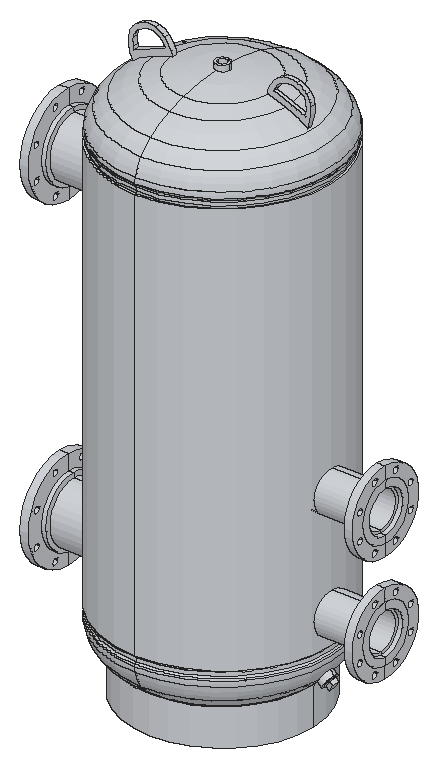
Revit family "HBT-120-46", category Generic Models, Revit 2014
Parameters (values of type "HBT-120-46")
  URL = "http://westank.com/"
  Tank Volume = 120.0 gal
  Part Number = 55641246
  Model = "HBT-120-46"
  Maximum Shipping Weight = 283 lbf
  G = 12"
  B = 6"
  Description = "Wessels ASME 4-port primary-secondary Hot Water Buffer Tanks (HBT) are designed for use with today’s high efficiency systems that incorporate small modular low-mass boilers."
  D = 60"
  C = 24"
  E = 48"
  F = 24"
  A = 4"
Reference planes (in)
  plane 1 "Center (Front/Back)": y = 0
  plane 2: z = 0
  plane 3 "Center (Left/Right)": x = 0
  plane 4: through (12.55282, -180, 5.24135) normal (0.8192, 0, -0.5736)
  plane 5: z = 0
  plane 6: x = -0.0258
  plane 7: x = -12
  plane 8: x = 12
  plane 9: z = 60
  plane 10: z = 12
  plane 11: z = 24
  plane 12: z = 48
  plane 13: y = 12
  plane 14: y = -12
Forms (in)
  Revolve 1, solid
    sketch origin (0, -0.02461, 0) x (0, 1, 0) y (0, 0, 1)
      loop
        line (-11.72943, 8.77243) -> (-11.78566, 8.52884) -> (-11.78566, 8.13478)
        arc (-11.78566, 8.13478) -> (-11.81912, 8.00062) -> (-11.91164, 7.89786) r 0.28578
        arc (-11.91164, 7.89786) -> (-11.95692, 7.81968) -> (-11.97558, 7.73128) r 0.28631
        arc (-11.97558, 7.73128) -> (-11.97245, 7.42046) -> (-11.93229, 7.11223) r 2.60351
        arc (-11.93229, 7.11223) -> (-11.64697, 6.20299) -> (-11.16219, 5.38255) r 4.15957
        arc (-11.16219, 5.38255) -> (-10.55779, 4.71313) -> (-9.84784, 4.1569) r 5.25551
        arc (-9.84784, 4.1569) -> (-8.58434, 3.33811) -> (-7.19899, 2.74848) r 8.73435
        arc (-7.19899, 2.74848) -> (-6.25875, 2.4064) -> (-5.29808, 2.12676) r 15.23806
        arc (-5.29808, 2.12676) -> (-2.65772, 1.62908) -> (0.02461, 1.47321) r 20.96361
        line (0.02461, 1.47321) -> (0.02461, 1.61775)
        arc (0.02461, 1.61775) -> (-2.63967, 1.77249) -> (-5.26227, 2.26678) r 20.81908
        arc (-5.26227, 2.26678) -> (-6.21608, 2.54451) -> (-7.14956, 2.88438) r 15.09353
        arc (-7.14956, 2.88438) -> (-8.51704, 3.46602) -> (-9.7638, 4.27464) r 8.58982
        arc (-9.7638, 4.27464) -> (-10.45704, 4.8168) -> (-11.047, 5.46985) r 5.11098
        arc (-11.047, 5.46985) -> (-11.51493, 6.26178) -> (-11.79034, 7.13942) r 4.01504
        arc (-11.79034, 7.13942) -> (-11.82827, 7.43054) -> (-11.83123, 7.72411) r 2.45898
        arc (-11.83123, 7.72411) -> (-11.82458, 7.76052) -> (-11.80874, 7.79397) r 0.14178
        arc (-11.80874, 7.79397) -> (-11.69341, 7.92922) -> (-11.64258, 8.09956) r 0.43032
        line (-11.64258, 8.09956) -> (-11.64258, 8.4958) -> (-11.58634, 8.7394) -> (-11.58634, 8.80179) -> (-11.83231, 8.80179) -> (-11.83231, 54.17143) -> (-11.58634, 54.17143) -> (-11.58634, 54.23382) -> (-11.64258, 54.47741) -> (-11.64258, 54.87366)
        arc (-11.64258, 54.87366) -> (-11.69341, 55.04399) -> (-11.80874, 55.17925) r 0.43032
        arc (-11.80874, 55.17925) -> (-11.82458, 55.2127) -> (-11.83123, 55.2491) r 0.14178
        arc (-11.83123, 55.2491) -> (-11.82827, 55.54267) -> (-11.79034, 55.83379) r 2.45898
        arc (-11.79034, 55.83379) -> (-11.51493, 56.71144) -> (-11.047, 57.50337) r 4.01504
        arc (-11.047, 57.50337) -> (-10.45704, 58.15641) -> (-9.7638, 58.69857) r 5.11098
        arc (-9.7638, 58.69857) -> (-8.51704, 59.50719) -> (-7.14956, 60.08883) r 8.58982
        arc (-7.14956, 60.08883) -> (-6.21608, 60.4287) -> (-5.26227, 60.70643) r 15.09353
        arc (-5.26227, 60.70643) -> (-2.63967, 61.20073) -> (0.02461, 61.35547) r 20.81908
        line (0.02461, 61.35547) -> (0.02461, 61.5)
        arc (0.02461, 61.5) -> (-2.65772, 61.34413) -> (-5.29808, 60.84646) r 20.96361
        arc (-5.29808, 60.84646) -> (-6.25875, 60.56681) -> (-7.19899, 60.22473) r 15.23806
        arc (-7.19899, 60.22473) -> (-8.58434, 59.6351) -> (-9.84784, 58.81632) r 8.73435
        arc (-9.84784, 58.81632) -> (-10.55779, 58.26009) -> (-11.16219, 57.59066) r 5.25551
        arc (-11.16219, 57.59066) -> (-11.64697, 56.77022) -> (-11.93229, 55.86098) r 4.15957
        arc (-11.93229, 55.86098) -> (-11.97245, 55.55275) -> (-11.97558, 55.24193) r 2.60351
        arc (-11.97558, 55.24193) -> (-11.95692, 55.15354) -> (-11.91164, 55.07536) r 0.28631
        arc (-11.91164, 55.07536) -> (-11.81912, 54.9726) -> (-11.78566, 54.83843) r 0.28578
        line (-11.78566, 54.83843) -> (-11.78566, 54.44437) -> (-11.72943, 54.20078) -> (-11.97539, 54.20078) -> (-11.97539, 8.77243) -> (-11.72943, 8.77243)
      axis (0.02461, 1.47321) -> (0.02461, 61.5)
    angle from 0 to 360
  Revolve 2, solid
    sketch origin (-13.31312, 0, -17.60969) x (0.999996, 0, -0.002792) y (0.002792, 0, 0.999996)
      loop
        line (24.95603, 23.79747) -> (24.90436, 23.83351) -> (24.49286, 23.24353) -> (25.10843, 22.81419) -> (25.48438, 23.35322) -> (25.43312, 23.38897) -> (25.55755, 23.56737) -> (25.04492, 23.92491) -> (24.95603, 23.79747)
      axis (24.49286, 23.24353) -> (25.10843, 22.81419)
    angle from 0 to 360
  Extrusion 3, solid
    sketch origin (11.29211, -180, 6.1145) x (0.574357, 0, 0.818605) y (0, -1, 0)
      loop
        line (-0.16036, -179.52645) -> (-0.95521, -179.68698) -> (-0.79485, -180.48095) -> (0, -180.32042) -> (-0.16036, -179.52645)
    from 1.02698 to 1.52678
  Extrusion 4, solid
    sketch origin (0, 0, 0) x (1, 0, 0) y (0, 1, 0)
      loop
        circle (0, 0) r 0.75
      loop
        circle (0, 0) r 0.5
    from 61.35252 to 62.02053
  Extrusion 5, void
    sketch origin (0, 0, 0) x (1, 0, 0) y (0, 1, 0)
      loop
        circle (0, 0) r 0.5
    from 55.71073 to 62.35572
  Revolve 6, solid
    sketch origin (0, 0, 0) x (1, 0, 0) y (0, 0, 1)
      loop
        line (9.87341, 4.12139) -> (9.87341, 0) -> (9.99844, 0) -> (9.99844, 4.12139) -> (9.87341, 4.12139)
      axis (0, 4.12139) -> (0, 0)
    angle from 0 to 360
  Extrusion 7, void
    sketch origin (0, 0, 0.25) x (0, 1, 0) y (0, 0, 1)
      loop
        circle (0, 23.7482) r 2.01086
    from 8.71275 to 18.77436
  Revolve 8, solid
    sketch origin (-3.12677, 0, 1.25063) x (-1, 0, 0) y (0, 0, 1)
      loop
        line (13.24763, 7.4366) -> (13.24763, 6.96791) -> (13.81013, 6.96791) -> (13.81013, 5.24915) -> (14.74763, 5.24915) -> (14.74763, 6.49915) -> (14.81013, 6.49915) -> (14.81013, 7.4366) -> (13.24763, 7.4366)
      axis (14.81013, 10.74756) -> (13.24763, 10.74756)
    angle from 0 to 360
  Revolve 9, solid
    sketch origin (-3.60333, 0, 1.22133) x (1, 0, 0) y (0, 0, 1)
      loop
        line (-13.83357, 7.74594) -> (-13.83357, 7.46595) -> (-7.70857, 7.46595) -> (-7.70857, 7.74594) -> (-13.83357, 7.74594)
      axis (-13.83357, 10.77686) -> (-7.70857, 10.77686)
    angle from 0 to 360
  Revolve 10, solid
    sketch origin (3.60333, 0, 1.22133) x (-1, 0, 0) y (0, 0, 1)
      loop
        line (-13.82886, 20.766) -> (-13.82886, 20.52881) -> (-7.32886, 20.52881) -> (-7.32886, 20.766) -> (-13.82886, 20.766)
      axis (-13.82886, 22.77686) -> (-7.32886, 22.77686)
    angle from 0 to 360
  Revolve 11, solid
    sketch origin (3.60333, 0, 1.22133) x (-1, 0, 0) y (0, 0, 1)
      loop
        line (-13.82886, 8.76593) -> (-13.82886, 8.52912) -> (-7.32886, 8.52912) -> (-7.32886, 8.76593) -> (-13.82886, 8.76593)
      axis (-13.82886, 10.77686) -> (-7.32886, 10.77686)
    angle from 0 to 360
  Revolve 12, solid
    sketch origin (-3.00177, 0, 37.25063) x (-1, 0, 0) y (0, 0, 1)
      loop
        line (13.37263, 7.4364) -> (13.37263, 6.96765) -> (13.93718, 6.96765) -> (13.93718, 5.24641) -> (14.87273, 5.24641) -> (14.87273, 6.49924) -> (14.93523, 6.49924) -> (14.93523, 7.4364) -> (13.37263, 7.4364)
      axis (14.93523, 10.74756) -> (13.37263, 10.74756)
    angle from 0 to 360
  Revolve 13, solid
    sketch origin (-3.60333, 0, 37.22133) x (1, 0, 0) y (0, 0, 1)
      loop
        line (-13.83357, 7.74566) -> (-13.83357, 7.46534) -> (-7.70857, 7.46534) -> (-7.70857, 7.74566) -> (-13.83357, 7.74566)
      axis (-13.83357, 10.77686) -> (-7.70857, 10.77686)
    angle from 0 to 360
  Extrusion 14, void
    sketch origin (0, 0, 36) x (0, 1, 0) y (0, 0, 1)
      loop
        circle (1.80293, 16.37657) r 0.39832
      loop
        circle (-1.80767, 16.36314) r 0.39832
      loop
        circle (4.37915, 13.8143) r 0.39832
      loop
        circle (-4.42417, 13.80561) r 0.39832
      loop
        circle (1.85032, 7.62343) r 0.39832
      loop
        circle (-1.77608, 7.58947) r 0.39832
      loop
        circle (4.41074, 10.1857) r 0.39832
      loop
        circle (-4.39258, 10.19439) r 0.39832
    from -18.99952 to -15.62228
  Extrusion 15, solid
    sketch origin (-25.94969, -0.08071, 41.34854) x (0.34202, 0, -0.939693) y (0.939693, 0, 0.34202)
      loop
        arc (-11.9298, 25.67102) -> (-12.15596, 25.63246) -> (-12.38023, 25.58408) r 5.2625
        arc (-12.38023, 25.58408) -> (-12.78497, 25.45482) -> (-13.16591, 25.26664) r 2.84116
        arc (-13.16591, 25.26664) -> (-13.45733, 25.04186) -> (-13.68503, 24.75271) r 1.49558
        arc (-13.68503, 24.75271) -> (-13.8, 24.46408) -> (-13.86349, 24.15994) r 1.7957
        arc (-13.86349, 24.15994) -> (-13.88475, 23.80361) -> (-13.86349, 23.44728) r 2.99674
        arc (-13.86349, 23.44728) -> (-13.79114, 23.11862) -> (-13.65649, 22.81019) r 1.72881
        arc (-13.65649, 22.81019) -> (-13.39922, 22.48527) -> (-13.05253, 22.25816) r 1.29608
        arc (-13.05253, 22.25816) -> (-12.66159, 22.07193) -> (-12.239, 21.97739) r 1.9331
        arc (-12.239, 21.97739) -> (-12.08496, 21.94521) -> (-11.9298, 21.91889) r 4.14312
        line (-11.9298, 21.91889) -> (-11.9298, 25.67102)
      loop
        line (-10.9298, 21.34797) -> (-10.9298, 26.14148)
        arc (-10.9298, 26.14148) -> (-11.99706, 26.18465) -> (-13.02719, 25.90227) r 3.48194
        arc (-13.02719, 25.90227) -> (-13.54727, 25.6041) -> (-13.99851, 25.20943) r 3.03185
        arc (-13.99851, 25.20943) -> (-14.28248, 24.55653) -> (-14.39992, 23.8543) r 2.91879
        arc (-14.39992, 23.8543) -> (-14.3348, 23.1787) -> (-14.08611, 22.54717) r 2.44012
        arc (-14.08611, 22.54717) -> (-13.716, 22.08641) -> (-13.21844, 21.76749) r 1.83162
        arc (-13.21844, 21.76749) -> (-12.09799, 21.42749) -> (-10.9298, 21.34797) r 5.1769
    from -0.24366 to 0.25634
  Extrusion 16, solid
    sketch origin (25.91844, -0.08071, 41.34854) x (-0.34202, 0, -0.939693) y (0.939693, 0, -0.34202)
      loop
        line (-11.9298, -25.67102) -> (-11.9298, -21.91889)
        arc (-11.9298, -21.91889) -> (-12.08496, -21.94521) -> (-12.239, -21.97739) r 4.14312
        arc (-12.239, -21.97739) -> (-12.66159, -22.07193) -> (-13.05253, -22.25816) r 1.9331
        arc (-13.05253, -22.25816) -> (-13.39922, -22.48527) -> (-13.65649, -22.81019) r 1.29608
        arc (-13.65649, -22.81019) -> (-13.79114, -23.11862) -> (-13.86349, -23.44728) r 1.72881
        arc (-13.86349, -23.44728) -> (-13.88475, -23.80361) -> (-13.86349, -24.15994) r 2.99674
        arc (-13.86349, -24.15994) -> (-13.8, -24.46408) -> (-13.68503, -24.75271) r 1.7957
        arc (-13.68503, -24.75271) -> (-13.45733, -25.04186) -> (-13.16591, -25.26664) r 1.49558
        arc (-13.16591, -25.26664) -> (-12.78497, -25.45482) -> (-12.38023, -25.58408) r 2.84116
        arc (-12.38023, -25.58408) -> (-12.15596, -25.63246) -> (-11.9298, -25.67102) r 5.2625
      loop
        arc (-10.9298, -21.34797) -> (-12.09799, -21.42749) -> (-13.21844, -21.76749) r 5.1769
        arc (-13.21844, -21.76749) -> (-13.716, -22.08641) -> (-14.08611, -22.54717) r 1.83162
        arc (-14.08611, -22.54717) -> (-14.3348, -23.1787) -> (-14.39992, -23.8543) r 2.44012
        arc (-14.39992, -23.8543) -> (-14.28248, -24.55653) -> (-13.99851, -25.20943) r 2.91879
        arc (-13.99851, -25.20943) -> (-13.54727, -25.6041) -> (-13.02719, -25.90227) r 3.03185
        arc (-13.02719, -25.90227) -> (-11.99706, -26.18465) -> (-10.9298, -26.14148) r 3.48194
        line (-10.9298, -26.14148) -> (-10.9298, -21.34797)
    from -0.24366 to 0.25634
  Extrusion 17, void
    sketch origin (0, 0, -11.75) x (0, 1, 0) y (0, 0, 1)
      loop
        circle (0, 23.7482) r 2.01086
    from 8.71275 to 18.77436
  Extrusion 18, void
    sketch origin (0, 0, 36) x (0, 1, 0) y (0, 0, 1)
      loop
        circle (0, 11.9982) r 3.0312
    from -19.98218 to -10.37411
  Extrusion 19, void
    sketch origin (0, 0, 12) x (0, 1, 0) y (0, 0, 1)
      loop
        circle (1.42385, 15.46044) r 0.39832
      loop
        circle (-1.46018, 15.4786) r 0.39832
      loop
        circle (3.49461, 13.37203) r 0.39832
      loop
        circle (-3.47645, 13.42652) r 0.39832
      loop
        circle (1.42385, 8.53956) r 0.39832
      loop
        circle (-1.46018, 8.5214) r 0.39832
      loop
        circle (3.49461, 10.62797) r 0.39832
      loop
        circle (-3.47645, 10.57348) r 0.39832
    from 14.98443 to 20.20253
  Extrusion 20, void
    sketch origin (0, 0, 0) x (0, 1, 0) y (0, 0, 1)
      loop
        circle (1.81897, 16.39885) r 0.39832
      loop
        circle (-1.81329, 16.37177) r 0.39832
      loop
        circle (4.39772, 13.80552) r 0.39832
      loop
        circle (-4.35923, 13.82118) r 0.39832
      loop
        circle (1.82993, 7.59602) r 0.39832
      loop
        circle (-1.82347, 7.595) r 0.39832
      loop
        circle (4.40232, 10.18606) r 0.39832
      loop
        circle (-4.36652, 10.15569) r 0.39832
    from -18.99952 to -14.3205
  Extrusion 21, void
    sketch origin (0, 0, -0.00287) x (0, 1, 0) y (0, 0, 1)
      loop
        circle (1.42385, 15.46044) r 0.39832
      loop
        circle (-1.46018, 15.4786) r 0.39832
      loop
        circle (3.49461, 13.37203) r 0.39832
      loop
        circle (-3.47645, 13.42652) r 0.39832
      loop
        circle (1.42385, 8.53956) r 0.39832
      loop
        circle (-1.46018, 8.5214) r 0.39832
      loop
        circle (3.49461, 10.62797) r 0.39832
      loop
        circle (-3.47645, 10.57348) r 0.39832
    from 14.98443 to 20.20253
  Revolve 22, solid
    sketch origin (3.18927, 0, -10.74968) x (1, 0, 0) y (0, 0, 1)
      loop
        line (13.43823, 25.06131) -> (14.74983, 25.06131) -> (14.74983, 25.84328) -> (14.68733, 25.84328) -> (14.68733, 27.24997) -> (13.81233, 27.24997) -> (13.81233, 25.46794) -> (13.43823, 25.46794) -> (13.43823, 25.06131)
      axis (14.74983, 22.74756) -> (13.43823, 22.74756)
    angle from 0 to 360
  Revolve 23, solid
    sketch origin (3.18927, 0, 1.25063) x (1, 0, 0) y (0, 0, 1)
      loop
        line (13.43823, 25.06131) -> (14.74983, 25.06131) -> (14.74983, 25.84328) -> (14.68733, 25.84328) -> (14.68733, 27.24997) -> (13.81233, 27.24997) -> (13.81233, 25.46794) -> (13.43823, 25.46794) -> (13.43823, 25.06131)
      axis (14.74983, 22.74756) -> (13.43823, 22.74756)
    angle from 0 to 360
  Extrusion 24, void
    sketch origin (0, 0, -0.00061) x (0, 1, 0) y (0, 0, 1)
      loop
        circle (0, 11.9982) r 3.0312
    from -19.98218 to -10.37411
Cuts and joins
  joined: Extrusion 3, Extrusion 4, Revolve 6
  Extrusion 5, Extrusion 7, Extrusion 17, Extrusion 18, Extrusion 24 cuts Revolve 1
  Extrusion 14, Extrusion 20 cuts Revolve 8
  Extrusion 14, Extrusion 19 cuts Revolve 12
  Extrusion 17 cuts Revolve 10
  Extrusion 18 cuts Revolve 9
  Extrusion 21 cuts Revolve 22
  Extrusion 19 cuts Revolve 23
  Extrusion 24 cuts Revolve 13
Dimensions and locks (in)
  "D": plane 9 to level
  "C": plane 8 to plane 7
  "G": plane 10 to level
  "F": plane 11 to level
  "E": plane 12 to level
  equal spacing: plane 13, plane 1 "Center (Front/Back)", plane 14
  "C": plane 13 to plane 14
  aligned and locked: plane 2 to level
Automatic sketch dimensions
  Revolve 1 sketch curve to Revolve 1 sketch curve = 0"  (x44)
  Revolve 1 sketch curve to plane 14 = 0"
  Revolve 1 sketch curve to plane 1 "Center (Front/Back)" = 0"  (x3)
  plane 14 to Revolve 1 sketch curve = 0.09606"  (x2)
  Revolve 1 sketch curve to plane 14 = 0.14309"
  Revolve 1 sketch curve to plane 14 = 0.18973"  (x2)
  Revolve 1 sketch curve to Revolve 1 sketch curve = 0.10288"  (x2)
  Revolve 1 sketch curve to plane 14 = 0.28577"  (x2)
  Revolve 1 sketch curve to Revolve 1 sketch curve = 0.14309"  (x4)
  Revolve 1 sketch curve to Revolve 1 sketch curve = 2.31434"  (x2)
  Revolve 1 sketch curve to Revolve 1 sketch curve = 1.52828"  (x2)
  Revolve 1 sketch curve to Revolve 1 sketch curve = 0.87346"  (x2)
  Revolve 1 sketch curve to plane 10 = 0.94992"
  Revolve 1 sketch curve to Revolve 1 sketch curve = 2.48973"  (x2)
  plane 1 "Center (Front/Back)" to Revolve 1 sketch curve = 1.54641"  (x2)
  plane 1 "Center (Front/Back)" to Revolve 1 sketch curve = 0.12751"  (x2)
  Revolve 1 sketch curve to plane 10 = 3.19821"
  Revolve 1 sketch curve to Revolve 1 sketch curve = 0.02935"  (x2)
  Revolve 1 sketch curve to Revolve 1 sketch curve = 0.06239"  (x2)
  Revolve 1 sketch curve to plane 10 = 3.44323"
  Revolve 1 sketch curve to Revolve 1 sketch curve = 0.24359"  (x2)
  Revolve 1 sketch curve to Revolve 1 sketch curve = 0.03303"  (x2)
  Revolve 1 sketch curve to Revolve 1 sketch curve = 0.39406"  (x2)
  Revolve 1 sketch curve to Revolve 1 sketch curve = 0.03523"  (x2)
  Revolve 1 sketch curve to Revolve 1 sketch curve = 0.66192"  (x2)
  Revolve 1 sketch curve to Revolve 1 sketch curve = 0.38248"  (x2)
  Revolve 1 sketch curve to Revolve 1 sketch curve = 0.29277"  (x2)
  level to Revolve 1 sketch curve = 1.61775"
  Revolve 1 sketch curve to Revolve 1 sketch curve = 37/256"  (x2)
  plane 10 to Revolve 1 sketch curve = 4.88948"
  Revolve 1 sketch curve to plane 11 = 1.56356"
  Revolve 1 sketch curve to plane 12 = 7.46323"
  Revolve 1 sketch curve to plane 12 = 1.91627"
  plane 12 to Revolve 1 sketch curve = 3.92313"
  Revolve 1 sketch curve to plane 9 = 5.82857"
  Revolve 1 sketch curve to Revolve 1 sketch curve = 2.49332"
  plane 9 to Revolve 1 sketch curve = 1 91/256"
  plane 14 to Revolve 1 sketch curve = 0.00019"  (x2)
  Revolve 1 sketch curve to Revolve 1 sketch curve = 0.14161"  (x2)
  Revolve 1 sketch curve to Revolve 1 sketch curve = 1.19916"
  Revolve 1 sketch curve to plane 9 = 1.18368"
  Revolve 1 sketch curve to Revolve 1 sketch curve = 0.08403"  (x2)
  Revolve 1 sketch curve to Revolve 1 sketch curve = 1.93673"
  plane 9 to Revolve 1 sketch curve = 0.22473"
  plane 9 to Revolve 1 sketch curve = 0.08883"
  Revolve 1 sketch curve to Revolve 1 sketch curve = 0.04943"
  plane 11 to Revolve 1 sketch curve = 4.89308"
  Revolve 1 sketch curve to Revolve 1 sketch curve = 3 3/4"
  Revolve 2 sketch curve to plane 8 = 0.75545"
  Revolve 2 sketch curve to plane 4 = 1.2575"
  Revolve 2 sketch curve to Revolve 2 sketch curve = 0.4115"
  Revolve 2 sketch curve to Revolve 2 sketch curve = 0.05167"
  Revolve 2 sketch curve to Revolve 2 sketch curve = 0.08888"
  Revolve 2 sketch curve to Revolve 2 sketch curve = 0.61556"
  Revolve 2 sketch curve to Revolve 2 sketch curve = 0.47709"
  Revolve 2 sketch curve to Revolve 2 sketch curve = 0.05126"
  Revolve 2 sketch curve to Revolve 2 sketch curve = 0.42934"
  Revolve 2 sketch curve to Revolve 2 sketch curve = 0.12768"
  Revolve 2 sketch curve to Revolve 2 sketch curve = 0"  (x2)
  Revolve 2 sketch curve to Revolve 2 sketch curve = 0.08905"
  plane 1 "Center (Front/Back)" to Extrusion 3 sketch curve = 0.31302"
  Extrusion 3 sketch curve to plane 1 "Center (Front/Back)" = 0.48095"
  Extrusion 3 sketch curve to Extrusion 3 sketch curve = 0.16036"  (x2)
  plane 1 "Center (Front/Back)" to Extrusion 3 sketch curve = 0.47355"
  Extrusion 3 sketch curve to Extrusion 3 sketch curve = 0.79485"
  Extrusion 3 sketch curve to plane 1 "Center (Front/Back)" = 0.32042"
  Extrusion 4 sketch curve to Extrusion 4 sketch curve = 0"  (x2)
  plane 1 "Center (Front/Back)" to Extrusion 4 sketch curve = 0"
  Extrusion 4 sketch curve to plane 3 "Center (Left/Right)" = 0"
  Extrusion 5 sketch curve to Extrusion 5 sketch curve = 0"  (x2)
  plane 1 "Center (Front/Back)" to Extrusion 5 sketch curve = 0"
  Extrusion 5 sketch curve to plane 3 "Center (Left/Right)" = 0"
  plane 6 to Extrusion 5 sketch curve = 0.4742"
  Revolve 6 sketch curve to plane 3 "Center (Left/Right)" = 0"
  Revolve 6 sketch curve to level = 0"
  Revolve 6 sketch curve to plane 8 = 2.12659"
  Revolve 6 sketch curve to Revolve 6 sketch curve = 0.12503"
  level to Revolve 6 sketch curve = 4.12139"
  level to Revolve 6 sketch curve = 4.69941"
  Revolve 6 sketch curve to Revolve 6 sketch curve = 1"
  Extrusion 7 sketch curve to Extrusion 7 sketch curve = 0"  (x2)
  Extrusion 7 sketch curve to plane 1 "Center (Front/Back)" = 0"
  Extrusion 7 sketch curve to plane 11 = 0.0018"
  Extrusion 7 sketch curve to Extrusion 7 sketch curve = 2.01086"
  plane 7 to Revolve 8 sketch curve = 4.3744"
  Revolve 8 sketch curve to Revolve 8 sketch curve = 9/16"
  Revolve 8 sketch curve to Revolve 8 sketch curve = 15/16"
  Revolve 8 sketch curve to Revolve 8 sketch curve = 1/16"
  plane 10 to Revolve 8 sketch curve = 5.50022"
  Revolve 8 sketch curve to Revolve 8 sketch curve = 1 1/4"
  Revolve 8 sketch curve to Revolve 8 sketch curve = 15/32"
  Revolve 8 sketch curve to Revolve 8 sketch curve = 0.46869"
  plane 10 to Revolve 8 sketch curve = 0.0018"
  Revolve 8 sketch curve to plane 7 = 0.43543"
  Revolve 8 sketch curve to Revolve 8 sketch curve = 0.68278"
  Revolve 9 sketch curve to plane 7 = 5.4369"
  plane 7 to Revolve 9 sketch curve = 0.6881"
  Revolve 9 sketch curve to plane 10 = 3.31272"
  Revolve 9 sketch curve to Revolve 9 sketch curve = 0.28"
  Revolve 9 sketch curve to plane 10 = 0.0018"
  plane 7 to Revolve 9 sketch curve = 0.56043"
  Revolve 9 sketch curve to Revolve 9 sketch curve = 0.36015"
  plane 11 to Revolve 10 sketch curve = 2.24985"
  Revolve 10 sketch curve to plane 8 = 5.43219"
  plane 8 to Revolve 10 sketch curve = 1.06781"
  Revolve 10 sketch curve to Revolve 10 sketch curve = 0.23719"
  plane 11 to Revolve 10 sketch curve = 0.0018"
  plane 8 to Revolve 10 sketch curve = 0.56357"
  Revolve 10 sketch curve to Revolve 10 sketch curve = 0.36015"
  plane 10 to Revolve 11 sketch curve = 2.24954"
  Revolve 11 sketch curve to plane 8 = 5.43219"
  plane 8 to Revolve 11 sketch curve = 1.06781"
  Revolve 11 sketch curve to Revolve 11 sketch curve = 0.23681"
  plane 10 to Revolve 11 sketch curve = 0.0018"
  plane 8 to Revolve 11 sketch curve = 0.56043"
  Revolve 11 sketch curve to Revolve 11 sketch curve = 0.36015"
  plane 7 to Revolve 12 sketch curve = 4.3744"
  Revolve 12 sketch curve to Revolve 12 sketch curve = 0.56455"
  Revolve 12 sketch curve to Revolve 12 sketch curve = 0.93555"
  Revolve 12 sketch curve to Revolve 12 sketch curve = 1/16"
  plane 12 to Revolve 12 sketch curve = 5.50295"
  Revolve 12 sketch curve to Revolve 12 sketch curve = 1.25283"
  Revolve 12 sketch curve to Revolve 12 sketch curve = 0.46841"
  Revolve 12 sketch curve to Revolve 12 sketch curve = 15/32"
  plane 12 to Revolve 12 sketch curve = 0.0018"
  Revolve 12 sketch curve to plane 7 = 0.56043"
  Revolve 12 sketch curve to Revolve 12 sketch curve = 0.68278"
  Revolve 13 sketch curve to plane 7 = 5.4369"
  plane 7 to Revolve 13 sketch curve = 0.6881"
  Revolve 13 sketch curve to plane 12 = 3.31333"
  Revolve 13 sketch curve to Revolve 13 sketch curve = 0.28033"
  Revolve 13 sketch curve to plane 12 = 0.0018"
  plane 7 to Revolve 13 sketch curve = 0.56043"
  Revolve 13 sketch curve to Revolve 13 sketch curve = 0.36015"
  Extrusion 14 sketch curve to Extrusion 14 sketch curve = 0"  (x16)
  plane 12 to Extrusion 14 sketch curve = 1.80561"
  plane 1 "Center (Front/Back)" to Extrusion 14 sketch curve = 4.42417"
  Extrusion 14 sketch curve to plane 12 = 1.80561"
  Extrusion 14 sketch curve to Extrusion 14 sketch curve = 0.03159"
  plane 1 "Center (Front/Back)" to Extrusion 14 sketch curve = 1.80767"
  plane 1 "Center (Front/Back)" to Extrusion 14 sketch curve = 1.77608"
  Extrusion 14 sketch curve to plane 1 "Center (Front/Back)" = 1.80293"
  Extrusion 14 sketch curve to plane 1 "Center (Front/Back)" = 1.85032"
  plane 12 to Extrusion 14 sketch curve = 1.8143"
  Extrusion 14 sketch curve to Extrusion 14 sketch curve = 2.57622"
  Extrusion 14 sketch curve to Extrusion 14 sketch curve = 2.56042"
  Extrusion 14 sketch curve to plane 12 = 1.8143"
  Extrusion 14 sketch curve to Extrusion 14 sketch curve = 2.56227"
  Extrusion 14 sketch curve to Extrusion 14 sketch curve = 0.03396"
  Extrusion 14 sketch curve to Extrusion 14 sketch curve = 2.55753"
  Extrusion 14 sketch curve to Extrusion 14 sketch curve = 0.01343"
  Extrusion 14 sketch curve to Extrusion 14 sketch curve = 0.39832"  (x8)
  Extrusion 17 sketch curve to Extrusion 17 sketch curve = 0"  (x2)
  Extrusion 17 sketch curve to plane 1 "Center (Front/Back)" = 0"
  Extrusion 17 sketch curve to plane 10 = 0.0018"
  Extrusion 17 sketch curve to Extrusion 17 sketch curve = 2.01086"
  Extrusion 18 sketch curve to Extrusion 18 sketch curve = 0"  (x2)
  Extrusion 18 sketch curve to plane 1 "Center (Front/Back)" = 0"
  Extrusion 18 sketch curve to plane 12 = 0.0018"
  Extrusion 18 sketch curve to Extrusion 18 sketch curve = 3.0312"
  Extrusion 19 sketch curve to Extrusion 19 sketch curve = 0"  (x18)
  Extrusion 19 sketch curve to plane 11 = 1.42652"
  plane 1 "Center (Front/Back)" to Extrusion 19 sketch curve = 3.47645"
  plane 11 to Extrusion 19 sketch curve = 1.42652"
  plane 1 "Center (Front/Back)" to Extrusion 19 sketch curve = 1.46018"  (x2)
  Extrusion 19 sketch curve to plane 1 "Center (Front/Back)" = 1.42385"  (x2)
  plane 11 to Extrusion 19 sketch curve = 1.37203"
  Extrusion 19 sketch curve to Extrusion 19 sketch curve = 2.07077"
  Extrusion 19 sketch curve to plane 11 = 1.37203"
  Extrusion 19 sketch curve to Extrusion 19 sketch curve = 2.08841"  (x2)
  Extrusion 19 sketch curve to Extrusion 19 sketch curve = 0.01816"  (x2)
  Extrusion 19 sketch curve to Extrusion 19 sketch curve = 0.39832"  (x8)
  Extrusion 20 sketch curve to Extrusion 20 sketch curve = 0"  (x16)
  Extrusion 20 sketch curve to plane 10 = 1.84431"
  plane 1 "Center (Front/Back)" to Extrusion 20 sketch curve = 4.36652"
  plane 10 to Extrusion 20 sketch curve = 1.82118"
  Extrusion 20 sketch curve to Extrusion 20 sketch curve = 0.00728"
  plane 1 "Center (Front/Back)" to Extrusion 20 sketch curve = 1.82347"
  plane 1 "Center (Front/Back)" to Extrusion 20 sketch curve = 1.81329"
  Extrusion 20 sketch curve to plane 1 "Center (Front/Back)" = 1.81897"
  Extrusion 20 sketch curve to plane 1 "Center (Front/Back)" = 1.82993"
  plane 10 to Extrusion 20 sketch curve = 1.80552"
  Extrusion 20 sketch curve to Extrusion 20 sketch curve = 2.57875"
  Extrusion 20 sketch curve to Extrusion 20 sketch curve = 0.00461"
  Extrusion 20 sketch curve to plane 10 = 4.40398"
  Extrusion 20 sketch curve to Extrusion 20 sketch curve = 0.00102"
  Extrusion 20 sketch curve to plane 10 = 1.81394"
  Extrusion 20 sketch curve to Extrusion 20 sketch curve = 2.55059"
  Extrusion 20 sketch curve to Extrusion 20 sketch curve = 0.02708"
  Extrusion 20 sketch curve to Extrusion 20 sketch curve = 0.39832"  (x8)
  Extrusion 21 sketch curve to Extrusion 21 sketch curve = 0"  (x18)
  Extrusion 21 sketch curve to plane 10 = 1.4294"
  plane 1 "Center (Front/Back)" to Extrusion 21 sketch curve = 3.47645"
  plane 10 to Extrusion 21 sketch curve = 1.42365"
  plane 1 "Center (Front/Back)" to Extrusion 21 sketch curve = 1.46018"  (x2)
  Extrusion 21 sketch curve to plane 1 "Center (Front/Back)" = 1.42385"  (x2)
  plane 10 to Extrusion 21 sketch curve = 1.36916"
  Extrusion 21 sketch curve to Extrusion 21 sketch curve = 2.07077"
  Extrusion 21 sketch curve to plane 10 = 3.46331"
  Extrusion 21 sketch curve to Extrusion 21 sketch curve = 0.01816"  (x2)
  Extrusion 21 sketch curve to plane 10 = 1.37491"
  Extrusion 21 sketch curve to Extrusion 21 sketch curve = 2.08841"
  Extrusion 21 sketch curve to Extrusion 21 sketch curve = 0.39832"  (x8)
  plane 8 to Revolve 22 sketch curve = 4.6275"
  Revolve 22 sketch curve to Revolve 22 sketch curve = 0.3741"
  Revolve 22 sketch curve to Revolve 22 sketch curve = 7/8"
  Revolve 22 sketch curve to Revolve 22 sketch curve = 1/16"
  plane 10 to Revolve 22 sketch curve = 2.31163"
  Revolve 22 sketch curve to Revolve 22 sketch curve = 0.40663"
  Revolve 22 sketch curve to Revolve 22 sketch curve = 0.78197"
  Revolve 22 sketch curve to Revolve 22 sketch curve = 1.40669"
  Revolve 22 sketch curve to plane 10 = 0.00212"
  Revolve 22 sketch curve to plane 8 = 0.37607"
  Revolve 22 sketch curve to Revolve 22 sketch curve = 0.68278"
  plane 8 to Revolve 23 sketch curve = 4.6275"
  Revolve 23 sketch curve to Revolve 23 sketch curve = 0.3741"
  Revolve 23 sketch curve to Revolve 23 sketch curve = 7/8"
  Revolve 23 sketch curve to Revolve 23 sketch curve = 1/16"
  plane 11 to Revolve 23 sketch curve = 2.31194"
  Revolve 23 sketch curve to Revolve 23 sketch curve = 0.40663"
  Revolve 23 sketch curve to Revolve 23 sketch curve = 0.78197"
  Revolve 23 sketch curve to Revolve 23 sketch curve = 1.40669"
  Revolve 23 sketch curve to plane 11 = 0.0018"
  Revolve 23 sketch curve to plane 8 = 0.37607"
  Revolve 23 sketch curve to Revolve 23 sketch curve = 0.68278"
  Extrusion 24 sketch curve to Extrusion 24 sketch curve = 0"  (x2)
  Extrusion 24 sketch curve to plane 1 "Center (Front/Back)" = 0"
  Extrusion 24 sketch curve to plane 10 = 0.00241"
  Extrusion 24 sketch curve to Extrusion 24 sketch curve = 3.0312"
  plane 9 to Extrusion 15 sketch curve = 1.1356"
  plane 7 to Extrusion 15 sketch curve = 3.79479"
  Extrusion 15 sketch curve to Extrusion 15 sketch curve = 0.03301"
  Extrusion 15 sketch curve to Extrusion 15 sketch curve = 0.08665"
  Extrusion 15 sketch curve to Extrusion 15 sketch curve = 0.34483"
  Extrusion 15 sketch curve to Extrusion 15 sketch curve = 17/256"
  Extrusion 15 sketch curve to Extrusion 15 sketch curve = 0.04958"
  Extrusion 15 sketch curve to Extrusion 15 sketch curve = 0.06885"
  Extrusion 15 sketch curve to Extrusion 15 sketch curve = 0.15073"
  Extrusion 15 sketch curve to Extrusion 15 sketch curve = 0.36028"
  Extrusion 15 sketch curve to Extrusion 15 sketch curve = 0.06601"
  Extrusion 15 sketch curve to Extrusion 15 sketch curve = 0.11815"
  Extrusion 15 sketch curve to Extrusion 15 sketch curve = 0.47821"
  Extrusion 15 sketch curve to Extrusion 15 sketch curve = 0.6151"
  Extrusion 15 sketch curve to Extrusion 15 sketch curve = 0.15011"
  Extrusion 15 sketch curve to Extrusion 15 sketch curve = 0.77126"
  Extrusion 15 sketch curve to Extrusion 15 sketch curve = 0.3849"
  Extrusion 15 sketch curve to Extrusion 15 sketch curve = 0.59588"
  Extrusion 15 sketch curve to Extrusion 15 sketch curve = 0.3061"
  Extrusion 15 sketch curve to Extrusion 15 sketch curve = 0.31529"
  Extrusion 15 sketch curve to Extrusion 15 sketch curve = 0.0954"
  Extrusion 15 sketch curve to Extrusion 15 sketch curve = 0.80625"
  Extrusion 15 sketch curve to Extrusion 15 sketch curve = 0.57092"
  Extrusion 15 sketch curve to Extrusion 15 sketch curve = 0.88262"
  Extrusion 15 sketch curve to Extrusion 15 sketch curve = 0.00686"
  Extrusion 15 sketch curve to Extrusion 15 sketch curve = 0.20406"
  Extrusion 15 sketch curve to Extrusion 15 sketch curve = 0.59172"
  Extrusion 15 sketch curve to Extrusion 15 sketch curve = 0.09548"
  Extrusion 15 sketch curve to Extrusion 15 sketch curve = 0.07607"
  Extrusion 15 sketch curve to Extrusion 15 sketch curve = 0.15093"
  Extrusion 15 sketch curve to Extrusion 15 sketch curve = 0.04716"
  Extrusion 15 sketch curve to Extrusion 15 sketch curve = 0.0326"
  Extrusion 15 sketch curve to Extrusion 15 sketch curve = 1.7246"
  Extrusion 15 sketch curve to Extrusion 15 sketch curve = 0.34507"
  Extrusion 15 sketch curve to Extrusion 15 sketch curve = 0.12538"
  Extrusion 15 sketch curve to Extrusion 15 sketch curve = 0.37807"
  Extrusion 15 sketch curve to Extrusion 15 sketch curve = 0"  (x6)
  Extrusion 15 sketch curve to Extrusion 15 sketch curve = 0.1659"
  Extrusion 15 sketch curve to Extrusion 15 sketch curve = 0.13872"
  Extrusion 15 sketch curve to Extrusion 15 sketch curve = 0.42962"
  Extrusion 15 sketch curve to Extrusion 15 sketch curve = 0.51913"
  Extrusion 15 sketch curve to Extrusion 15 sketch curve = 0.31348"
  plane 9 to Extrusion 16 sketch curve = 1.1356"
  Extrusion 16 sketch curve to plane 8 = 3.82604"
  Extrusion 16 sketch curve to Extrusion 16 sketch curve = 0.03301"
  Extrusion 16 sketch curve to Extrusion 16 sketch curve = 0.08665"
  Extrusion 16 sketch curve to Extrusion 16 sketch curve = 0.34483"
  Extrusion 16 sketch curve to Extrusion 16 sketch curve = 17/256"
  Extrusion 16 sketch curve to Extrusion 16 sketch curve = 0.04958"
  Extrusion 16 sketch curve to Extrusion 16 sketch curve = 0.06885"
  Extrusion 16 sketch curve to Extrusion 16 sketch curve = 0.15073"
  Extrusion 16 sketch curve to Extrusion 16 sketch curve = 0.36028"
  Extrusion 16 sketch curve to Extrusion 16 sketch curve = 0.06601"
  Extrusion 16 sketch curve to Extrusion 16 sketch curve = 0.11815"
  Extrusion 16 sketch curve to Extrusion 16 sketch curve = 0.47821"
  Extrusion 16 sketch curve to Extrusion 16 sketch curve = 0.6151"
  Extrusion 16 sketch curve to Extrusion 16 sketch curve = 0.15011"
  Extrusion 16 sketch curve to Extrusion 16 sketch curve = 0.77126"
  Extrusion 16 sketch curve to Extrusion 16 sketch curve = 0.3849"
  Extrusion 16 sketch curve to Extrusion 16 sketch curve = 0.59588"
  Extrusion 16 sketch curve to Extrusion 16 sketch curve = 0.00686"
  Extrusion 16 sketch curve to Extrusion 16 sketch curve = 0.20406"
  Extrusion 16 sketch curve to Extrusion 16 sketch curve = 0.0747"
  Extrusion 16 sketch curve to Extrusion 16 sketch curve = 0.09548"
  Extrusion 16 sketch curve to Extrusion 16 sketch curve = 0.07607"
  Extrusion 16 sketch curve to Extrusion 16 sketch curve = 0.15093"
  Extrusion 16 sketch curve to Extrusion 16 sketch curve = 0.04716"
  Extrusion 16 sketch curve to Extrusion 16 sketch curve = 0.0326"
  Extrusion 16 sketch curve to Extrusion 16 sketch curve = 1.7246"
  Extrusion 16 sketch curve to Extrusion 16 sketch curve = 0.34507"
  Extrusion 16 sketch curve to Extrusion 16 sketch curve = 0.12538"
  Extrusion 16 sketch curve to Extrusion 16 sketch curve = 0.37807"
  Extrusion 16 sketch curve to Extrusion 16 sketch curve = 0.51702"
  Extrusion 16 sketch curve to Extrusion 16 sketch curve = 0.31529"
  Extrusion 16 sketch curve to Extrusion 16 sketch curve = 0.0954"
  Extrusion 16 sketch curve to Extrusion 16 sketch curve = 0.80625"
  Extrusion 16 sketch curve to Extrusion 16 sketch curve = 0.57092"
  Extrusion 16 sketch curve to Extrusion 16 sketch curve = 0.88262"
  Extrusion 16 sketch curve to Extrusion 16 sketch curve = 0"  (x6)
  Extrusion 16 sketch curve to Extrusion 16 sketch curve = 0.1659"
  Extrusion 16 sketch curve to Extrusion 16 sketch curve = 0.13872"
  Extrusion 16 sketch curve to Extrusion 16 sketch curve = 0.42962"
  Extrusion 16 sketch curve to Extrusion 16 sketch curve = 0.51913"
  Extrusion 16 sketch curve to Extrusion 16 sketch curve = 0.31348"
  radius of Extrusion 4 sketch curve = 3/4"
  radius of Extrusion 4 sketch curve = 1/2"
Connectors (in)
  piping at (-17.9369, 0, 11.9982), diameter 6, driven by "B"
    settings: on Revolve 8, index 3, connector inside diameter 24", connector length 0", flow factor 0, pipe flow 0 GPM, pressure drop 0.00 psi, fitting loss kfactor 0, connector angle 0.00°, fixture units 0, engagement length 0", angle of deflection 0.00°, flow configuration 0, flow direction 0, fitting loss method 0, system type 7, joint type 0, gender type 0, connector reference index -1, connector utility 0, adjustable connector no, is connector primary yes, connector description ""
  piping at (-17.937, 0, 47.9982), diameter 6, driven by "B"
    settings: on Revolve 12, index 4, connector inside diameter 24", connector length 0", flow factor 0, pipe flow 0 GPM, pressure drop 0.00 psi, fitting loss kfactor 0, connector angle 0.00°, fixture units 0, engagement length 0", angle of deflection 0.00°, flow configuration 0, flow direction 0, fitting loss method 0, system type 7, joint type 0, gender type 0, connector reference index -1, connector utility 0, adjustable connector no, is connector primary no, connector description ""
  piping at (17.9391, 0, 23.9982), diameter 4, driven by "A"
    settings: on Revolve 23, index 5, connector inside diameter 24", connector length 0", flow factor 0, pipe flow 0 GPM, pressure drop 0.00 psi, fitting loss kfactor 0, connector angle 0.00°, fixture units 0, engagement length 0", angle of deflection 0.00°, flow configuration 0, flow direction 0, fitting loss method 0, system type 7, joint type 0, gender type 0, connector reference index -1, connector utility 0, adjustable connector no, is connector primary no, connector description ""
  piping at (17.9391, 0, 11.99788), diameter 4, driven by "A"
    settings: on cut or joined group of Extrusion 21, Revolve 22, index 6, connector inside diameter 24", connector length 0", flow factor 0, pipe flow 0 GPM, pressure drop 0.00 psi, fitting loss kfactor 0, connector angle 0.00°, fixture units 0, engagement length 0", angle of deflection 0.00°, flow configuration 0, flow direction 0, fitting loss method 0, system type 7, joint type 0, gender type 0, connector reference index -1, connector utility 0, adjustable connector no, is connector primary no, connector description ""
